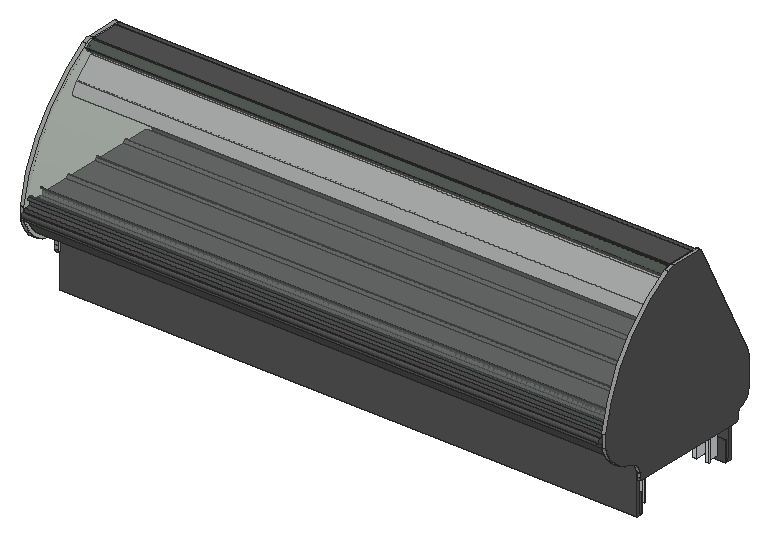
Revit family "ESGS_2014", category Specialty Equipment, Revit 2014
Parameters (values of type "12'-0" Length")
  Width = 144 1/2"
  Waste Drain = 1 1/2"  # constant formula
  URL = "www.hussmann.com"
  Type Comments = "Elite"  # constant formula
  Trim = Stainless Steel
  Total Weight = Case Weight + (2 * End Weight)  # 1400.00 lbf
  Splashguard = Textured Sheet Metal (Steel Painted) - 701 Black
  Side Panel - Right [instance] = yes
  Side Panel - Left [instance] = yes
  Shelves = Sheet Metal (Steel Painted) - 701 Black
  Revit Family Date = "05/26/2016"  # constant formula
  Refrigeration Lines Suction = 5/8"  # constant formula
  Refrigeration Lines Liquid = 3/8"  # constant formula
  Refrig. Suction = "Suction"
  Refrig. Liquid = "Liquid"
  Number of Supports = if(Width < 50", 2, if(Width < 100", 3, 4))  # 4
  Note from Manufacturer = "This model only comes 4'-0\", 6'-0\", 8'-0\", and 12'-0\" lengths."
  Model URL = "http://www.hussmann.com/en/product%20viewer/display-cases/ESGM,%20ESGS"
  Model = "ESGS"  # constant formula
  Manufacturer Disclaimer = "The information in this file is not intended to be an exact representation of the corresponding Hussmann product.  Further, we reserve the right to change or revise specifications and product design in connection with any feature of our products. Such changes do not entitle the buyer to corresponding changes, improvements, additions, or replacements for equipment previously sold or shipped."  # constant formula
  Manufacturer = "Hussmann Corporation"  # constant formula
  Location of Drain = if(Width < 144", 24 1/8", 72 1/4")  # 72 1/4"
  Light [instance] = yes
  Height = 52 1/4"  # constant formula
  Glazing = Glass
  Ends = Textured Sheet Metal (Steel Painted) - 701 Black
  End Weight = 100.00 lbf  # constant formula
  Door Frame = Plastic - 701 Black
  Description = "Curved Glass Service Case with Gravity Coil for Seafood"  # constant formula
  Depth = 45 1/4"  # constant formula
  Cutsheet URL = "http://www.hussmann.com/en/Technical%20Documents/0522404_B_ESGS.pdf"
  Case Weight = if(Width = 48 1/4", 600.00 lbf, if(Width = 72 3/8", 700.00 lbf, if(Width = 96 3/8", 1100.00 lbf, if(Width = 144 1/2", 1200.00 lbf, 0.00 lbf))))  # 1200.00 lbf
  Case Interior - Side Panel = Mirror
  Case Interior - Back Panel = Stainless Steel
  Case = Textured Sheet Metal (Steel Painted) - 701 Black
  Bumper = Extruded PVC - 701 Black
  Assembly Code = ""
  Accessories/Options = ""
  8 Case = Width = 96 3/8"  # no
  6 Case = Width = 72 3/8"  # no
  4 Case = Width = 48 1/4"  # no
  12 Case = Width = 144 1/2"  # yes
Reference planes (in)
  plane 1 "Back": y = 0
  plane 2 "Bottom": z = 0
  plane 3 "Top": z = 52.25
  plane 4 "Left": x = -77.30699
  plane 5 "Front": y = -45.25
  plane 6 "Center (Left/Right)": x = -5.05699
  plane 7: x = -78.30699
  plane 8 "Right": x = 67.19301
  plane 9: x = 68.19301
Forms (in)
  Extrusion 1, solid, material "Metal - Copper"
    sketch origin (63.0625, 1.04319, 0) x (1, 0, 0) y (0, 1, 0)
      loop
        arc (-68.11949, -26.54319) -> (-68.64982, -26.76286) -> (-68.86949, -27.29319) r 0.75
        arc (-68.86949, -27.29319) -> (-68.64982, -27.82352) -> (-68.11949, -28.04319) r 0.75
        arc (-68.11949, -28.04319) -> (-67.58916, -27.82352) -> (-67.36949, -27.29319) r 0.75
        arc (-67.36949, -27.29319) -> (-67.58916, -26.76286) -> (-68.11949, -26.54319) r 0.75
      loop
        circle (-68.11949, -27.29319) r 0.7102
    from 15.4495 to 14.2
  Extrusion 2, solid, material "Metal - Copper"
    sketch origin (57.40105, 5, -0.375) x (1, 0, 0) y (0, 1, 0)
      loop
        circle (1.22946, -34.375) r 0.28859
      loop
        circle (1.22946, -34.375) r 0.3125
    from 15.8245 to 0.375
  Extrusion 3, solid, material "Metal - Copper"
    sketch origin (59.82608, 5, -0.375) x (1, 0, 0) y (0, 1, 0)
      loop
        circle (-0.69557, -34.375) r 0.17188
      loop
        circle (-0.69557, -34.375) r 0.1875
    from 15.8245 to 0.375
  Extrusion 4, solid, material "Textured Sheet Metal (Steel Painted) - 701 Black" <- "Case"
    sketch origin (-5.05699, 0, 0) x (0, 1, 0) y (0, 0, 1)
      loop
        arc (-43.34613, 20.46649) -> (-40.36116, 16.18673) -> (-35.40912, 14.54243) r 8.279
        line (-35.40912, 14.54243) -> (-35.13012, 14.54243) -> (-35.13012, 15.12049) -> (-32.38472, 15.12049) -> (-32.38472, 13.03449) -> (-32.18041, 13.15244) -> (-31.84269, 12.56748) -> (-31.84269, 15.4495) -> (-5.46069, 15.4495) -> (-5.46069, 12.56949) -> (-2.20656, 12.56949) -> (-0.04964, 14.72641) -> (-0.05876, 19.34519) -> (0, 19.34519) -> (0, 20.00316) -> (-0.062, 20.00316) -> (-0.062, 23.22015) -> (-0.8415, 24.75) -> (-4.0439, 23.11829) -> (-5.2273, 25.44085) -> (-5.72181, 25.18889) -> (-5.51752, 24.78793) -> (-5.45069, 24.82198) -> (-5.62094, 25.15611) -> (-5.26008, 25.33998) -> (-4.01342, 22.89327) -> (-7.65194, 22.89327) -> (-7.65194, 23.03827) -> (-7.72694, 23.03827) -> (-7.72694, 22.81827) -> (-3.84453, 22.81827) -> (-4.17722, 22.64876) -> (-4.51207, 22.0258) -> (-4.51207, 21.52249) -> (-37.44744, 21.52249) -> (-37.44744, 23.4609) -> (-39.4766, 23.4609) -> (-39.4766, 24.2149) -> (-40.75586, 24.2149) -> (-40.75586, 24.26058) -> (-42.60732, 25.32952)
        arc (-42.60732, 25.32952) -> (-42.68944, 25.3331) -> (-42.73947, 25.2679) r 0.089
        line (-42.73947, 25.2679) -> (-43.05817, 23.46049) -> (-44.31609, 23.46049) -> (-44.31609, 20.46649) -> (-43.34613, 20.46649)
      loop
        line (-16.41514, 47.39822) -> (-13.21274, 49.02993) -> (-14.78962, 52.12472) -> (-15.85021, 52.12472) -> (-15.85021, 51.83972) -> (-22.93044, 51.83972) -> (-22.93044, 52.12472) -> (-23.04044, 52.12472) -> (-23.04044, 49.54858) -> (-17.51081, 49.54858) -> (-16.41514, 47.39822)
    from 72.25 to -72.25
  Extrusion 5, solid, material "Sheet Metal (Steel Painted) - 701 Black" <- "Shelves"
    sketch origin (-5.05699, 0, 0) x (0, 1, 0) y (0, 0, 1)
      loop
        line (-37.4476, 23.36548) -> (-37.4476, 23.03827) -> (-5.71614, 23.03827) -> (-6.32905, 24.55527) -> (-12.26216, 24.55527) -> (-12.84942, 25.14253)
        arc (-12.84942, 25.14253) -> (-12.89538, 25.16156) -> (-12.94134, 25.14253) r 0.065
        line (-12.94134, 25.14253) -> (-13.52859, 24.55527) -> (-21.26216, 24.55527) -> (-21.84942, 25.14253)
        arc (-21.84942, 25.14253) -> (-21.89538, 25.16156) -> (-21.94134, 25.14253) r 0.065
        line (-21.94134, 25.14253) -> (-22.52859, 24.55527) -> (-30.26216, 24.55527) -> (-30.84942, 25.14253)
        arc (-30.84942, 25.14253) -> (-30.89538, 25.16156) -> (-30.94134, 25.14253) r 0.065
        line (-30.94134, 25.14253) -> (-31.52859, 24.55527) -> (-38.8181, 24.55527) -> (-38.8181, 25.02035) -> (-38.88825, 25.02035) -> (-38.88825, 23.70998) -> (-37.57576, 23.70998)
        arc (-37.57576, 23.70998) -> (-37.40901, 23.61158) -> (-37.41453, 23.41803) r 0.1905
        line (-37.41453, 23.41803) -> (-37.4476, 23.36548)
    from 72.25 to -72.25
  Extrusion 6, solid, material "Glass" <- "Glazing"
    sketch origin (-5.05699, 0, 0) x (0, 1, 0) y (0, 0, 1)
      loop
        line (-39.4766, 23.4609) -> (-39.2266, 23.4609) -> (-39.2266, 25.8239)
        arc (-39.2266, 25.8239) -> (-39.3516, 25.9489) -> (-39.4766, 25.8239) r 0.125
        line (-39.4766, 25.8239) -> (-39.4766, 23.4609)
    from 72.25 to -72.25
  Extrusion 7, solid, material "Glass" <- "Glazing"
    sketch origin (-5.05699, 0, 0) x (0, 1, 0) y (0, 0, 1)
      loop
        line (-24.35337, 50.90746) -> (-24.47309, 51.11084)
        arc (-24.47309, 51.11084) -> (-36.70969, 39.95396) -> (-43.41659, 24.81368) r 40.236
        line (-43.41659, 24.81368) -> (-43.18577, 24.76454)
        arc (-43.18577, 24.76454) -> (-36.5182, 39.81602) -> (-24.35337, 50.90746) r 40
    from 72.25 to -72.25
  Extrusion 8, solid, material "Plastic - 701 Black" <- "Door Frame"
    sketch origin (-5.05699, 0, 0) x (0, 1, 0) y (0, 0, 1)
      loop
        arc (-23.04044, 50.09575) -> (-23.12841, 50.108) -> (-23.216, 50.12273) r 3.15396
        line (-23.216, 50.12273) -> (-23.216, 51.95558)
        arc (-23.216, 51.95558) -> (-23.22252, 51.97021) -> (-23.23775, 51.97515) r 0.01969
        arc (-23.23775, 51.97515) -> (-24.33425, 51.60184) -> (-25.16215, 50.79173) r 2.61654
        line (-25.16215, 50.79173) -> (-25.11943, 50.72218)
        arc (-25.11943, 50.72218) -> (-24.79717, 50.91803) -> (-24.47309, 51.11084) r 40.236
        line (-24.47309, 51.11084) -> (-24.35337, 50.90746)
        arc (-24.35337, 50.90746) -> (-24.69612, 50.7034) -> (-25.03682, 50.49593) r 40
        line (-25.03682, 50.49593) -> (-24.91123, 50.29086) -> (-24.73519, 50.39867) -> (-24.39613, 49.84499)
        arc (-24.39613, 49.84499) -> (-24.31211, 49.75427) -> (-24.19964, 49.70288) r 0.31496
        line (-24.19964, 49.70288) -> (-23.51563, 49.54199)
        arc (-23.51563, 49.54199) -> (-22.63508, 49.4415) -> (-21.75531, 49.54858) r 3.78388
        line (-21.75531, 49.54858) -> (-23.04044, 49.54858) -> (-23.04044, 50.09575)
      loop
        line (-42.8194, 24.81458) -> (-42.73004, 25.32137) -> (-42.90678, 25.20875) -> (-43.01054, 25.23084) -> (-42.96339, 25.45232) -> (-43.02974, 25.46644)
        arc (-43.02974, 25.46644) -> (-43.10933, 25.11584) -> (-43.18577, 24.76454) r 40
        line (-43.18577, 24.76454) -> (-43.41659, 24.81368)
        arc (-43.41659, 24.81368) -> (-43.34017, 25.16498) -> (-43.2606, 25.51559) r 40.236
        line (-43.2606, 25.51559) -> (-43.31844, 25.5279) -> (-43.48105, 24.76401) -> (-43.12601, 24.68843) -> (-43.05272, 25.03272) -> (-42.94896, 25.01063) -> (-42.8194, 24.81458)
    from 72.25 to -72.25
  Extrusion 9, solid, material "Extruded PVC - 701 Black" <- "Bumper"
    sketch origin (-5.05699, 0, 0) x (0, 1, 0) y (0, 0, 1)
      loop
        arc (-44.69659, 22.55399) -> (-45.25009, 22.00049) -> (-44.69659, 21.44699) r 0.5535
        line (-44.69659, 21.44699) -> (-44.31609, 21.44699) -> (-44.31609, 22.55399) -> (-44.69659, 22.55399)
    from 72.25 to -72.25
  Extrusion 10, solid, material "Sheet Metal (Steel Painted) - 701 Black" <- "Shelves"
    sketch origin (-5.05699, 0, 0) x (0, 1, 0) y (0, 0, 1)
      loop
        line (-22.93044, 51.83972) -> (-15.85021, 51.83972) -> (-15.85021, 52.12472) -> (-22.93044, 52.12472) -> (-22.93044, 51.83972)
    from 72.25 to -72.25
  Extrusion 11, solid, material "Textured Sheet Metal (Steel Painted) - 701 Black" <- "Splashguard"
    sketch origin (-5.05699, 0, 0) x (0, 1, 0) y (0, 0, 1)
      loop
        line (-33.24969, 0.071) -> (-33.04469, 0.071) -> (-33.04469, 0) -> (-31.84269, 0) -> (-31.84269, 5) -> (-31.91369, 5) -> (-31.91369, 0.071) -> (-32.51669, 0.071) -> (-32.51669, 0.5) -> (-32.56279, 0.5) -> (-32.56279, 0.1) -> (-32.82069, 0.1) -> (-32.82069, 14.6) -> (-32.56279, 14.6) -> (-32.56279, 14.2) -> (-32.51669, 14.2) -> (-32.51669, 14.629) -> (-33.0154, 14.629) -> (-33.0154, 15.12049) -> (-33.6714, 15.12049) -> (-33.6714, 15.04949) -> (-33.0864, 15.04949) -> (-33.0864, 14.629) -> (-33.24969, 14.629) -> (-33.24969, 0.071)
      loop
        line (-4.00019, 0.071) -> (-4.00019, 11.929) -> (-4.24596, 11.929) -> (-4.24596, 12.47249) -> (-2.37596, 12.47249) -> (-2.37596, 11.89128) -> (-2.73177, 11.89128) -> (-2.73177, 11.84428) -> (-2.23177, 11.84428) -> (-2.23177, 12.56949) -> (-4.34296, 12.56949) -> (-4.34296, 11.929) -> (-4.73319, 11.929) -> (-4.73319, 11.5) -> (-4.68708, 11.5) -> (-4.68708, 11.9) -> (-4.42919, 11.9) -> (-4.42919, 0.1) -> (-4.68708, 0.1) -> (-4.68708, 0.5) -> (-4.73319, 0.5) -> (-4.73319, 0.071) -> (-5.38969, 0.071) -> (-5.38969, 5) -> (-5.46069, 5) -> (-5.46069, 0) -> (-4.25869, 0) -> (-4.25869, 0.071) -> (-4.00019, 0.071)
    from 72.25 to -72.25
  Extrusion 12, solid, material "Stainless Steel"
    sketch origin (-5.05699, 0, 0) x (0, 1, 0) y (0, 0, 1)
      loop
        line (-21.37668, 40.98157) -> (-15.62579, 40.44983) -> (-15.61263, 40.47769) -> (-15.16052, 40.26415) -> (-14.94698, 40.71626) -> (-15.39909, 40.9298) -> (-14.86972, 42.05057) -> (-14.92216, 42.07534) -> (-15.21813, 41.44872) -> (-16.56707, 42.08586) -> (-15.37275, 42.08586) -> (-15.37275, 44.52386) -> (-15.62175, 44.52386) -> (-15.62175, 45.8411) -> (-17.51081, 49.54858) -> (-20.10086, 49.54858) -> (-21.75058, 47.89886) -> (-22.56399, 47.89886) -> (-22.56399, 48.88614) -> (-23.80443, 48.88614) -> (-28.30349, 44.83517) -> (-29.65615, 42.29118) -> (-29.62525, 42.27475) -> (-28.27548, 44.81329) -> (-28.10211, 44.96939) -> (-28.10211, 44.28536) -> (-26.65711, 44.28536) -> (-26.65711, 44.92586) -> (-25.46475, 44.92586) -> (-25.46475, 43.45478) -> (-25.61032, 43.52354) -> (-25.75599, 43.21514) -> (-25.72774, 43.20179) -> (-25.59445, 43.48398) -> (-25.0136, 43.20962) -> (-25.21064, 42.79245) -> (-21.37668, 40.98157)
    from 72.25 to -72.25
  Extrusion 13, solid, material "Textured Sheet Metal (Steel Painted) - 701 Black" <- "Ends", visible <- "Side Panel - Left"
    sketch origin (-77.30699, 0, 0) x (0, 1, 0) y (0, 0, 1)
      loop
        line (-32.92696, 8.52093) -> (-3.58393, 8.52093)
        arc (-3.58393, 8.52093) -> (-3.45276, 8.53706) -> (-3.3304, 8.587) r 0.5
        arc (-3.3304, 8.587) -> (-3.14628, 8.77013) -> (-3.07884, 9.0209) r 0.5
        line (-3.07884, 9.0209) -> (-3.07884, 9.8089)
        arc (-3.07884, 9.8089) -> (-2.87224, 10.62756) -> (-2.30189, 11.25013) r 1.72519
        arc (-2.30189, 11.25013) -> (-2.11672, 11.35616) -> (-1.91987, 11.43853) r 1.72519
        arc (-1.91987, 11.43853) -> (-1.70577, 11.52134) -> (-1.49791, 11.61879) r 3.31176
        arc (-1.49791, 11.61879) -> (-0.1815, 12.83903) -> (0.30494, 14.56683) r 3.31176
        line (0.30494, 14.56683) -> (0.30494, 22.14815)
        arc (0.30494, 22.14815) -> (0.21555, 22.93047) -> (-0.056, 23.66957) r 3.312
        line (-0.056, 23.66957) -> (-14.45521, 51.92963) -> (-14.51136, 52.04163)
        arc (-14.51136, 52.04163) -> (-14.60333, 52.14101) -> (-14.73367, 52.17775) r 0.24961
        line (-14.73367, 52.17775) -> (-22.66176, 52.17775)
        arc (-22.66176, 52.17775) -> (-23.70154, 52.03663) -> (-24.66885, 51.62996) r 3.99993
        arc (-24.66885, 51.62996) -> (-37.58819, 39.74243) -> (-44.31604, 23.52643) r 40.79994
        line (-44.31604, 23.52643) -> (-44.31604, 20.40063)
        arc (-44.31604, 20.40063) -> (-41.53441, 15.84489) -> (-36.7171, 13.54583) r 9.37498
        arc (-36.7171, 13.54583) -> (-34.5207, 12.41603) -> (-33.42696, 10.20145) r 3.944
        line (-33.42696, 10.20145) -> (-33.42696, 9.02195)
        arc (-33.42696, 9.02195) -> (-33.28087, 8.66774) -> (-32.92696, 8.52093) r 0.5
    from 0 to -1
  Extrusion 14, solid, material "Textured Sheet Metal (Steel Painted) - 701 Black" <- "Ends", visible <- "Side Panel - Right"
    sketch origin (67.19301, 0, 0) x (0, 0, 1) y (0, -1, 0)
      loop
        line (8.52093, 32.92696) -> (8.52093, 3.58393)
        arc (8.52093, 3.58393) -> (8.53706, 3.45276) -> (8.587, 3.3304) r 0.5
        arc (8.587, 3.3304) -> (8.77013, 3.14628) -> (9.0209, 3.07884) r 0.5
        line (9.0209, 3.07884) -> (9.8089, 3.07884)
        arc (9.8089, 3.07884) -> (10.62756, 2.87224) -> (11.25013, 2.30189) r 1.72519
        arc (11.25013, 2.30189) -> (11.35616, 2.11672) -> (11.43853, 1.91987) r 1.72519
        arc (11.43853, 1.91987) -> (11.52134, 1.70577) -> (11.61879, 1.49791) r 3.31176
        arc (11.61879, 1.49791) -> (12.83903, 0.1815) -> (14.56683, -0.30494) r 3.31176
        line (14.56683, -0.30494) -> (22.14815, -0.30494)
        arc (22.14815, -0.30494) -> (22.93047, -0.21555) -> (23.66957, 0.056) r 3.312
        line (23.66957, 0.056) -> (51.92963, 14.45521) -> (52.04163, 14.51136)
        arc (52.04163, 14.51136) -> (52.14101, 14.60333) -> (52.17775, 14.73367) r 0.24961
        line (52.17775, 14.73367) -> (52.17775, 22.66176)
        arc (52.17775, 22.66176) -> (52.03663, 23.70154) -> (51.62996, 24.66885) r 3.99993
        arc (51.62996, 24.66885) -> (39.74243, 37.58819) -> (23.52643, 44.31604) r 40.79994
        line (23.52643, 44.31604) -> (20.40063, 44.31604)
        arc (20.40063, 44.31604) -> (15.84489, 41.53441) -> (13.54583, 36.7171) r 9.37498
        arc (13.54583, 36.7171) -> (12.41603, 34.5207) -> (10.20145, 33.42696) r 3.944
        line (10.20145, 33.42696) -> (9.02195, 33.42696)
        arc (9.02195, 33.42696) -> (8.66774, 33.28087) -> (8.52093, 32.92696) r 0.5
    from 1 to 0
  Extrusion 15, solid, material "Stainless Steel" <- "Case Interior - Back Panel", visible <- "8 Case"
    sketch origin (-5.05699, 0, 0) x (0, 1, 0) y (0, 0, 1)
      loop
        line (-4.0439, 23.11829) -> (-0.8415, 24.75) -> (-13.21274, 49.02993) -> (-16.41514, 47.39822) -> (-4.0439, 23.11829)
    from -48.1875 to -47.59375
  Extrusion 16, solid, material "Stainless Steel" <- "Case Interior - Back Panel", visible <- "6 Case"
    sketch origin (-5.05699, 0, 0) x (0, 1, 0) y (0, 0, 1)
      loop
        line (-4.0439, 23.11829) -> (-0.8415, 24.75) -> (-13.21274, 49.02993) -> (-16.41514, 47.39822) -> (-4.0439, 23.11829)
    from -35.5 to -36.1875
  Extrusion 17, solid, material "Stainless Steel" <- "Case Interior - Back Panel", visible <- "12 Case"
    sketch origin (-5.05699, 0, 0) x (0, 1, 0) y (0, 0, 1)
      loop
        line (-4.0439, 23.11829) -> (-0.8415, 24.75) -> (-13.21274, 49.02993) -> (-16.41514, 47.39822) -> (-4.0439, 23.11829)
    from 0.625 to -0.625
  Extrusion 18, solid, material "Stainless Steel" <- "Case Interior - Back Panel", visible <- "12 Case"
    sketch origin (-5.05699, 0, 0) x (0, 1, 0) y (0, 0, 1)
      loop
        line (-4.0439, 23.11829) -> (-0.8415, 24.75) -> (-13.21274, 49.02993) -> (-16.41514, 47.39822) -> (-4.0439, 23.11829)
    from -71.625 to -72.25
  Extrusion 19, solid, material "Stainless Steel" <- "Case Interior - Back Panel", visible <- "12 Case"
    sketch origin (-5.05699, 0, 0) x (0, 1, 0) y (0, 0, 1)
      loop
        line (-4.0439, 23.11829) -> (-0.8415, 24.75) -> (-13.21274, 49.02993) -> (-16.41514, 47.39822) -> (-4.0439, 23.11829)
    from 72.25 to 71.625
  Extrusion 20, solid, material "Stainless Steel" <- "Case Interior - Back Panel", visible <- "12 Case", not visible
    sketch origin (-5.05699, -39, 0) x (0, 1, 0) y (0, 0, 1)
      loop
        line (-4.0439, 23.11829) -> (-0.8415, 24.75) -> (-13.21274, 49.02993) -> (-16.41514, 47.39822) -> (-4.0439, 23.11829)
    from 0.625 to -0.625
  Extrusion 21, solid, material "Stainless Steel" <- "Case Interior - Back Panel", visible <- "12 Case", not visible
    sketch origin (-5.05699, -39, 0) x (0, 1, 0) y (0, 0, 1)
      loop
        line (-4.0439, 23.11829) -> (-0.8415, 24.75) -> (-13.21274, 49.02993) -> (-16.41514, 47.39822) -> (-4.0439, 23.11829)
    from -71.625 to -72.25
  Extrusion 22, solid, material "Stainless Steel" <- "Case Interior - Back Panel", visible <- "12 Case", not visible
    sketch origin (-5.05699, -39, 0) x (0, 1, 0) y (0, 0, 1)
      loop
        line (-4.0439, 23.11829) -> (-0.8415, 24.75) -> (-13.21274, 49.02993) -> (-16.41514, 47.39822) -> (-4.0439, 23.11829)
    from 72.25 to 71.625
  Extrusion 23, solid, material "Stainless Steel" <- "Case Interior - Back Panel", visible <- "6 Case"
    sketch origin (-5.05699, 0, 0) x (0, 1, 0) y (0, 0, 1)
      loop
        line (-4.0439, 23.11829) -> (-0.8415, 24.75) -> (-13.21274, 49.02993) -> (-16.41514, 47.39822) -> (-4.0439, 23.11829)
    from 36.1875 to 35.5
  Extrusion 24, solid, material "Stainless Steel" <- "Case Interior - Back Panel", visible <- "6 Case", not visible
    sketch origin (-5.05699, 40.54873, 0) x (0, 1, 0) y (0, 0, 1)
      loop
        line (-4.0439, 23.11829) -> (-0.8415, 24.75) -> (-13.21274, 49.02993) -> (-16.41514, 47.39822) -> (-4.0439, 23.11829)
    from -35.5 to -36.1875
  Extrusion 25, solid, material "Stainless Steel" <- "Case Interior - Back Panel", visible <- "6 Case", not visible
    sketch origin (-5.05699, 40.54873, 0) x (0, 1, 0) y (0, 0, 1)
      loop
        line (-4.0439, 23.11829) -> (-0.8415, 24.75) -> (-13.21274, 49.02993) -> (-16.41514, 47.39822) -> (-4.0439, 23.11829)
    from 36.1875 to 35.5
  Extrusion 26, solid, material "Stainless Steel" <- "Case Interior - Back Panel", visible <- "8 Case"
    sketch origin (-5.05699, 0, 0) x (0, 1, 0) y (0, 0, 1)
      loop
        line (-4.0439, 23.11829) -> (-0.8415, 24.75) -> (-13.21274, 49.02993) -> (-16.41514, 47.39822) -> (-4.0439, 23.11829)
    from -0.59375 to 0.59375
  Extrusion 27, solid, material "Stainless Steel" <- "Case Interior - Back Panel", visible <- "8 Case"
    sketch origin (-5.05699, 0, 0) x (0, 1, 0) y (0, 0, 1)
      loop
        line (-4.0439, 23.11829) -> (-0.8415, 24.75) -> (-13.21274, 49.02993) -> (-16.41514, 47.39822) -> (-4.0439, 23.11829)
    from 47.59375 to 48.1875
  Extrusion 28, solid, material "Stainless Steel" <- "Case Interior - Back Panel", visible <- "8 Case", not visible
    sketch origin (-5.05699, -67, 0) x (0, 1, 0) y (0, 0, 1)
      loop
        line (-4.0439, 23.11829) -> (-0.8415, 24.75) -> (-13.21274, 49.02993) -> (-16.41514, 47.39822) -> (-4.0439, 23.11829)
    from -48.1875 to -47.59375
  Extrusion 29, solid, material "Stainless Steel" <- "Case Interior - Back Panel", visible <- "8 Case", not visible
    sketch origin (-5.05699, -67, 0) x (0, 1, 0) y (0, 0, 1)
      loop
        line (-4.0439, 23.11829) -> (-0.8415, 24.75) -> (-13.21274, 49.02993) -> (-16.41514, 47.39822) -> (-4.0439, 23.11829)
    from -0.59375 to 0.59375
  Extrusion 30, solid, material "Stainless Steel" <- "Case Interior - Back Panel", visible <- "8 Case", not visible
    sketch origin (-5.05699, -67, 0) x (0, 1, 0) y (0, 0, 1)
      loop
        line (-4.0439, 23.11829) -> (-0.8415, 24.75) -> (-13.21274, 49.02993) -> (-16.41514, 47.39822) -> (-4.0439, 23.11829)
    from 47.59375 to 48.1875
  Extrusion 31, solid, material "Stainless Steel" <- "Case Interior - Back Panel", visible <- "4 Case"
    sketch origin (-5.05699, 0, 0) x (0, 1, 0) y (0, 0, 1)
      loop
        line (-4.0439, 23.11829) -> (-0.8415, 24.75) -> (-13.21274, 49.02993) -> (-16.41514, 47.39822) -> (-4.0439, 23.11829)
    from -23.5 to -24.125
  Extrusion 32, solid, material "Stainless Steel" <- "Case Interior - Back Panel", visible <- "4 Case"
    sketch origin (-5.05699, 0, 0) x (0, 1, 0) y (0, 0, 1)
      loop
        line (-4.0439, 23.11829) -> (-0.8415, 24.75) -> (-13.21274, 49.02993) -> (-16.41514, 47.39822) -> (-4.0439, 23.11829)
    from 24.125 to 23.5
  Extrusion 33, solid, material "Stainless Steel" <- "Case Interior - Back Panel", visible <- "4 Case", not visible
    sketch origin (-5.05699, 24, 0) x (0, 1, 0) y (0, 0, 1)
      loop
        line (-4.0439, 23.11829) -> (-0.8415, 24.75) -> (-13.21274, 49.02993) -> (-16.41514, 47.39822) -> (-4.0439, 23.11829)
    from -23.5 to -24.125
  Extrusion 34, solid, material "Stainless Steel" <- "Case Interior - Back Panel", visible <- "4 Case", not visible
    sketch origin (-5.05699, 24, 0) x (0, 1, 0) y (0, 0, 1)
      loop
        line (-4.0439, 23.11829) -> (-0.8415, 24.75) -> (-13.21274, 49.02993) -> (-16.41514, 47.39822) -> (-4.0439, 23.11829)
    from 24.125 to 23.5
Lines and regions (in)
  reference lines
    curve 1: line (-73.68199, -45.25, 0) -> (-73.68199, 0, 0)
    curve 2: line (-5.05699, -45.25, 0) -> (-5.05699, 0, 0)
    curve 3: line (63.56801, -45.25, 0) -> (63.56801, 0, 0)
    curve 4: line (58.94301, -45.25, 0) -> (58.94301, 0, 0)
    curve 5: line (-77.30699, -26.25, 0) -> (67.19301, -26.25, 0)
    curve 6: line (67.19301, -29.375, 0) -> (-77.30699, -29.375, 0)
Dimensions and locks (in)
  equal spacing: plane 4 "Left", plane 6 "Center (Left/Right)", plane 8 "Right"
  locked: plane 7 to plane 4 "Left" at 1
  "Width": plane 4 "Left" to plane 8 "Right"
  locked: plane 4 "Left" to curve 1 at 3.625
  locked: curve 3 to plane 8 "Right" at 3.625
  "Location of Drain": curve 2 to plane 8 "Right"
  "Depth": plane 5 "Front" to plane 1 "Back"
  locked: curve 4 to plane 8 "Right" at 8.25
  "Height": plane 3 "Top" to level
  locked: plane 1 "Back" to curve 5 at 26.25
  locked: plane 1 "Back" to curve 6 at 29.375
  locked: plane 8 "Right" to plane 9 at 1
  locked: Extrusion 1 sketch curve to Extrusion 1 sketch curve at 0.0398
  locked: Extrusion 3 sketch curve to Extrusion 3 sketch curve at 0.01562
  locked: Extrusion 2 sketch curve to Extrusion 2 sketch curve at 0.02391
  locked: nested 1 to plane 1 "Back" at 5.46069
  equal spacing: group 1, group 11, group 12, group 2  (x3)
  Extrusion 4 to Extrusion 4 = 27 1/4"
  "Waste Drain": diameter of Extrusion 1 sketch curve
  "Refrigeration Lines Liquid": diameter of Extrusion 3 sketch curve
  "Refrigeration Lines Suction": diameter of Extrusion 2 sketch curve
  aligned and locked: plane 5 "Front" to curve 2
  aligned and locked: plane 5 "Front" to curve 3
  aligned and locked: plane 5 "Front" to curve 1
  aligned and locked: plane 4 "Left" to curve 5
  aligned and locked: plane 4 "Left" to curve 6
  aligned and locked: plane 8 "Right" to curve 6
  aligned and locked: plane 8 "Right" to curve 5
  aligned and locked: Extrusion 2 to level
  aligned and locked: Extrusion 3 to level
  aligned and locked: curve 6 to Extrusion 3 sketch curve  (x4)
  aligned and locked: curve 6 to Extrusion 2 sketch curve  (x4)
  aligned and locked: curve 5 to Extrusion 1 sketch curve  (x3)
  aligned and locked: curve 2 to Extrusion 1 sketch curve
  aligned and locked: curve 4 to Extrusion 3 sketch curve
  aligned and locked: curve 4 to Extrusion 2 sketch curve
  aligned and locked: curve 1 to nested 1
  aligned and locked: curve 3 to nested 2
  aligned and locked: nested 1 to nested 2
  aligned and locked: Extrusion 4 to plane 4 "Left"
  aligned and locked: plane 8 "Right" to Extrusion 4
  aligned and locked: Extrusion 5 to plane 4 "Left"
  aligned and locked: plane 8 "Right" to Extrusion 5
  aligned and locked: Extrusion 6 to plane 4 "Left"
  aligned and locked: plane 8 "Right" to Extrusion 6
  aligned and locked: Extrusion 7 to plane 4 "Left"
  aligned and locked: plane 8 "Right" to Extrusion 7
  aligned and locked: Extrusion 8 to plane 4 "Left"
  aligned and locked: plane 8 "Right" to Extrusion 8
  aligned and locked: Extrusion 9 to plane 4 "Left"
  aligned and locked: plane 8 "Right" to Extrusion 9
  aligned and locked: Extrusion 10 to plane 4 "Left"
  aligned and locked: plane 8 "Right" to Extrusion 10
  aligned and locked: Extrusion 11 to plane 4 "Left"
  aligned and locked: plane 8 "Right" to Extrusion 11
  aligned and locked: Extrusion 12 to plane 4 "Left"
  aligned and locked: plane 8 "Right" to Extrusion 12
  aligned and locked: plane 4 "Left" to nested 3
  aligned and locked: plane 7 to Extrusion 13
  aligned and locked: plane 4 "Left" to Extrusion 13
  aligned and locked: plane 9 to Extrusion 14
  aligned and locked: Extrusion 14 to plane 8 "Right"
Automatic sketch dimensions
  Extrusion 15 sketch curve to Extrusion 15 sketch curve = 3.2024"
  Extrusion 15 sketch curve to Extrusion 15 sketch curve = 1.63171"
  Extrusion 16 sketch curve to Extrusion 16 sketch curve = 3.2024"
  Extrusion 17 sketch curve to Extrusion 17 sketch curve = 3.2024"
  Extrusion 18 sketch curve to Extrusion 18 sketch curve = 3.2024"
  Extrusion 19 sketch curve to Extrusion 19 sketch curve = 3.2024"
  Extrusion 17 sketch curve to Extrusion 17 sketch curve = 12.37124"
  Extrusion 17 sketch curve to Extrusion 17 sketch curve = 1.63171"
  Extrusion 18 sketch curve to Extrusion 18 sketch curve = 12.37124"
  Extrusion 18 sketch curve to Extrusion 18 sketch curve = 1.63171"
  Extrusion 19 sketch curve to Extrusion 19 sketch curve = 12.37124"
  Extrusion 19 sketch curve to Extrusion 19 sketch curve = 1.63171"
  Extrusion 20 sketch curve to Extrusion 20 sketch curve = 3.2024"
  Extrusion 21 sketch curve to Extrusion 21 sketch curve = 3.2024"
  Extrusion 22 sketch curve to Extrusion 22 sketch curve = 3.2024"
  Extrusion 20 sketch curve to Extrusion 20 sketch curve = 12.37124"
  Extrusion 20 sketch curve to Extrusion 20 sketch curve = 1.63171"
  Extrusion 21 sketch curve to Extrusion 21 sketch curve = 12.37124"
  Extrusion 21 sketch curve to Extrusion 21 sketch curve = 1.63171"
  Extrusion 22 sketch curve to Extrusion 22 sketch curve = 12.37124"
  Extrusion 22 sketch curve to Extrusion 22 sketch curve = 1.63171"
  Extrusion 23 sketch curve to Extrusion 23 sketch curve = 3.2024"
  Extrusion 16 sketch curve to Extrusion 16 sketch curve = 12.37124"
  Extrusion 16 sketch curve to Extrusion 16 sketch curve = 1.63171"
  Extrusion 23 sketch curve to Extrusion 23 sketch curve = 12.37124"
  Extrusion 23 sketch curve to Extrusion 23 sketch curve = 1.63171"
  Extrusion 24 sketch curve to Extrusion 24 sketch curve = 3.2024"
  Extrusion 25 sketch curve to Extrusion 25 sketch curve = 3.2024"
  Extrusion 24 sketch curve to Extrusion 24 sketch curve = 12.37124"
  Extrusion 24 sketch curve to Extrusion 24 sketch curve = 1.63171"
  Extrusion 25 sketch curve to Extrusion 25 sketch curve = 12.37124"
  Extrusion 25 sketch curve to Extrusion 25 sketch curve = 1.63171"
  Extrusion 26 sketch curve to Extrusion 26 sketch curve = 3.2024"
  Extrusion 26 sketch curve to Extrusion 26 sketch curve = 1.63171"
  Extrusion 27 sketch curve to Extrusion 27 sketch curve = 3.2024"
  Extrusion 27 sketch curve to Extrusion 27 sketch curve = 1.63171"
  Extrusion 15 sketch curve to Extrusion 15 sketch curve = 12.37124"
  Extrusion 26 sketch curve to Extrusion 26 sketch curve = 12.37124"
  Extrusion 27 sketch curve to Extrusion 27 sketch curve = 12.37124"
  Extrusion 28 sketch curve to Extrusion 28 sketch curve = 3.2024"
  Extrusion 28 sketch curve to Extrusion 28 sketch curve = 1.63171"
  Extrusion 29 sketch curve to Extrusion 29 sketch curve = 3.2024"
  Extrusion 29 sketch curve to Extrusion 29 sketch curve = 1.63171"
  Extrusion 30 sketch curve to Extrusion 30 sketch curve = 3.2024"
  Extrusion 30 sketch curve to Extrusion 30 sketch curve = 1.63171"
  Extrusion 28 sketch curve to Extrusion 28 sketch curve = 12.37124"
  Extrusion 29 sketch curve to Extrusion 29 sketch curve = 12.37124"
  Extrusion 30 sketch curve to Extrusion 30 sketch curve = 12.37124"
  Extrusion 4 sketch curve to plane 1 "Back" = 0"
  plane 1 "Back" to Extrusion 4 sketch curve = 0.04964"
  Extrusion 4 sketch curve to Extrusion 4 sketch curve = 0.05876"
  Extrusion 4 sketch curve to Extrusion 4 sketch curve = 0.062"
  plane 1 "Back" to Extrusion 4 sketch curve = 0.8415"
  plane 1 "Back" to Extrusion 4 sketch curve = 2.20656"
  Extrusion 4 sketch curve to Extrusion 4 sketch curve = 3.00303"
  Extrusion 4 sketch curve to Extrusion 4 sketch curve = 0.16889"
  Extrusion 4 sketch curve to Extrusion 4 sketch curve = 0.03048"
  Extrusion 4 sketch curve to Extrusion 4 sketch curve = 0.1638"
  Extrusion 4 sketch curve to Extrusion 4 sketch curve = 0.33486"
  Extrusion 4 sketch curve to Extrusion 4 sketch curve = 1.1834"
  Extrusion 4 sketch curve to Extrusion 4 sketch curve = 0.03278"
  Extrusion 4 sketch curve to Extrusion 4 sketch curve = 0.19061"
  Extrusion 4 sketch curve to Extrusion 4 sketch curve = 3.25412"
  Extrusion 4 sketch curve to Extrusion 4 sketch curve = 0.06683"
  Extrusion 4 sketch curve to Extrusion 4 sketch curve = 0.17025"
  Extrusion 4 sketch curve to Extrusion 4 sketch curve = 0.10087"  (x2)
  Extrusion 4 sketch curve to Extrusion 4 sketch curve = 2.13442"
  Extrusion 4 sketch curve to Extrusion 4 sketch curve = 0.075"  (x2)
  plane 3 "Top" to Extrusion 4 sketch curve = 3.22007"
  plane 1 "Back" to Extrusion 4 sketch curve = 13.21274"
  plane 3 "Top" to Extrusion 4 sketch curve = 0.12528"  (x2)
  Extrusion 4 sketch curve to Extrusion 4 sketch curve = 1.57688"
  plane 3 "Top" to Extrusion 4 sketch curve = 0.41028"
  Extrusion 4 sketch curve to Extrusion 4 sketch curve = 1.0606"
  plane 3 "Top" to Extrusion 4 sketch curve = 4.85178"
  Extrusion 4 sketch curve to Extrusion 4 sketch curve = 1.09566"
  Extrusion 4 sketch curve to Extrusion 4 sketch curve = 5.41964"
  Extrusion 4 sketch curve to Extrusion 4 sketch curve = 0.11"
  plane 5 "Front" to Extrusion 4 sketch curve = 13.40731"
  Extrusion 4 sketch curve to Extrusion 4 sketch curve = 0.33773"
  Extrusion 4 sketch curve to Extrusion 4 sketch curve = 0.20431"
  Extrusion 4 sketch curve to Extrusion 4 sketch curve = 2.7454"
  Extrusion 4 sketch curve to Extrusion 4 sketch curve = 0.279"
  Extrusion 4 sketch curve to Extrusion 4 sketch curve = 2.03832"
  Extrusion 4 sketch curve to Extrusion 4 sketch curve = 2.02916"
  Extrusion 4 sketch curve to Extrusion 4 sketch curve = 1.27926"
  Extrusion 4 sketch curve to Extrusion 4 sketch curve = 1.85146"
  Extrusion 4 sketch curve to Extrusion 4 sketch curve = 0.0445"
  Extrusion 4 sketch curve to Extrusion 4 sketch curve = 0.08765"
  Extrusion 4 sketch curve to Extrusion 4 sketch curve = 0.31869"
  plane 5 "Front" to Extrusion 4 sketch curve = 1.90387"
  plane 5 "Front" to Extrusion 4 sketch curve = 0.93391"
  Extrusion 4 sketch curve to Extrusion 4 sketch curve = 21.95737"
  level to Extrusion 4 sketch curve = 25.32952"
  Extrusion 4 sketch curve to Extrusion 4 sketch curve = 0.06162"
  Extrusion 4 sketch curve to Extrusion 4 sketch curve = 1.06894"
  Extrusion 4 sketch curve to Extrusion 4 sketch curve = 0.04568"
  Extrusion 4 sketch curve to Extrusion 4 sketch curve = 0.754"
  Extrusion 4 sketch curve to Extrusion 4 sketch curve = 1.80741"
  Extrusion 4 sketch curve to Extrusion 4 sketch curve = 0.145"
  Extrusion 4 sketch curve to Extrusion 4 sketch curve = 0.63947"
  Extrusion 4 sketch curve to Extrusion 4 sketch curve = 0.24451"
  Extrusion 4 sketch curve to Extrusion 4 sketch curve = 0.62296"
  Extrusion 4 sketch curve to Extrusion 4 sketch curve = 0.50331"
  Extrusion 4 sketch curve to Extrusion 4 sketch curve = 2.994"
  Extrusion 4 sketch curve to Extrusion 4 sketch curve = 3.21699"
  Extrusion 4 sketch curve to Extrusion 4 sketch curve = 0.65798"
  Extrusion 4 sketch curve to Extrusion 4 sketch curve = 0.90707"
  Extrusion 4 sketch curve to Extrusion 4 sketch curve = 0.32901"
  Extrusion 4 sketch curve to Extrusion 4 sketch curve = 4.61877"
  Extrusion 4 sketch curve to Extrusion 4 sketch curve = 1.96804"
  Extrusion 4 sketch curve to Extrusion 4 sketch curve = 0.11796"
  Extrusion 4 sketch curve to Extrusion 4 sketch curve = 2.15693"
  plane 5 "Front" to Extrusion 5 sketch curve = 6.36175"
  Extrusion 5 sketch curve to Extrusion 5 sketch curve = 0.07016"
  Extrusion 5 sketch curve to Extrusion 5 sketch curve = 1 5/16"
  Extrusion 5 sketch curve to Extrusion 5 sketch curve = 0.12816"
  Extrusion 5 sketch curve to Extrusion 5 sketch curve = 0.03307"
  Extrusion 5 sketch curve to Extrusion 5 sketch curve = 5.88594"
  Extrusion 5 sketch curve to Extrusion 5 sketch curve = 0.58725"  (x6)
  Extrusion 5 sketch curve to Extrusion 5 sketch curve = 0.04596"  (x9)
  Extrusion 5 sketch curve to Extrusion 5 sketch curve = 7.73357"  (x2)
  Extrusion 5 sketch curve to Extrusion 5 sketch curve = 5.93311"
  Extrusion 5 sketch curve to Extrusion 5 sketch curve = 0.61291"
  level to Extrusion 5 sketch curve = 23.03827"
  Extrusion 5 sketch curve to Extrusion 5 sketch curve = 0.32721"
  Extrusion 5 sketch curve to Extrusion 5 sketch curve = 0.05255"
  Extrusion 5 sketch curve to Extrusion 5 sketch curve = 0.10146"
  Extrusion 5 sketch curve to Extrusion 5 sketch curve = 0.84529"
  Extrusion 5 sketch curve to Extrusion 5 sketch curve = 1.517"
  Extrusion 5 sketch curve to Extrusion 5 sketch curve = 0"  (x2)
  Extrusion 5 sketch curve to Extrusion 5 sketch curve = 0.46508"
  Extrusion 5 sketch curve to Extrusion 5 sketch curve = 0.54129"  (x3)
  plane 5 "Front" to Extrusion 6 sketch curve = 5.7734"
  Extrusion 6 sketch curve to Extrusion 6 sketch curve = 1/8"
  level to Extrusion 6 sketch curve = 23.4609"
  Extrusion 6 sketch curve to Extrusion 6 sketch curve = 2.363"
  Extrusion 7 sketch curve to Extrusion 7 sketch curve = 0"  (x2)
  plane 5 "Front" to Extrusion 7 sketch curve = 1.83341"
  Extrusion 7 sketch curve to Extrusion 7 sketch curve = 0.23083"
  plane 3 "Top" to Extrusion 7 sketch curve = 1.13916"
  plane 5 "Front" to Extrusion 7 sketch curve = 20.77691"
  plane 3 "Top" to Extrusion 7 sketch curve = 1.34254"
  Extrusion 7 sketch curve to Extrusion 7 sketch curve = 0.11972"
  plane 1 "Back" to Extrusion 7 sketch curve = 4.06242"
  level to Extrusion 7 sketch curve = 24.81368"
  Extrusion 8 sketch curve to Extrusion 8 sketch curve = 0"  (x14)
  plane 5 "Front" to Extrusion 8 sketch curve = 1.76895"
  Extrusion 8 sketch curve to Extrusion 8 sketch curve = 0.06446"
  Extrusion 8 sketch curve to Extrusion 8 sketch curve = 0.09815"
  Extrusion 8 sketch curve to Extrusion 8 sketch curve = 0.05783"
  Extrusion 8 sketch curve to Extrusion 8 sketch curve = 0.23083"
  Extrusion 8 sketch curve to Extrusion 8 sketch curve = 0.05976"
  Extrusion 8 sketch curve to Extrusion 8 sketch curve = 0.13305"
  Extrusion 8 sketch curve to Extrusion 8 sketch curve = 0.23086"
  Extrusion 8 sketch curve to Extrusion 8 sketch curve = 0.04217"
  Extrusion 8 sketch curve to Extrusion 8 sketch curve = 0.06635"
  Extrusion 8 sketch curve to Extrusion 8 sketch curve = 0.10376"  (x2)
  Extrusion 8 sketch curve to Extrusion 8 sketch curve = 0.12955"
  Extrusion 8 sketch curve to Extrusion 8 sketch curve = 0.17674"
  plane 3 "Top" to Extrusion 8 sketch curve = 1.45827"
  plane 5 "Front" to Extrusion 8 sketch curve = 20.08785"
  plane 3 "Top" to Extrusion 8 sketch curve = 1.52782"
  Extrusion 8 sketch curve to Extrusion 8 sketch curve = 0.04272"
  plane 3 "Top" to Extrusion 8 sketch curve = 1.75407"
  Extrusion 8 sketch curve to Extrusion 8 sketch curve = 0.08261"
  plane 3 "Top" to Extrusion 8 sketch curve = 1.95914"
  Extrusion 8 sketch curve to Extrusion 8 sketch curve = 0.12558"
  plane 3 "Top" to Extrusion 8 sketch curve = 1.85133"
  plane 3 "Top" to Extrusion 8 sketch curve = 1.13916"
  Extrusion 8 sketch curve to Extrusion 8 sketch curve = 0.64635"
  plane 3 "Top" to Extrusion 8 sketch curve = 2.40501"
  plane 3 "Top" to Extrusion 8 sketch curve = 1.34254"
  plane 3 "Top" to Extrusion 8 sketch curve = 2.54712"
  Extrusion 8 sketch curve to Extrusion 8 sketch curve = 0.19648"
  Extrusion 8 sketch curve to Extrusion 8 sketch curve = 0.07212"
  plane 3 "Top" to Extrusion 8 sketch curve = 2.70801"
  Extrusion 8 sketch curve to Extrusion 8 sketch curve = 0.68401"
  plane 3 "Top" to Extrusion 8 sketch curve = 0.29442"
  Extrusion 8 sketch curve to Extrusion 8 sketch curve = 1.2374"
  Extrusion 8 sketch curve to Extrusion 8 sketch curve = 0.01969"
  Extrusion 8 sketch curve to Extrusion 8 sketch curve = 0.47518"
  Extrusion 8 sketch curve to Extrusion 8 sketch curve = 0.07682"
  Extrusion 8 sketch curve to Extrusion 8 sketch curve = 0.56676"
  Extrusion 8 sketch curve to Extrusion 8 sketch curve = 1.20831"
  plane 1 "Back" to Extrusion 8 sketch curve = 4.06242"
  level to Extrusion 8 sketch curve = 24.68843"
  Extrusion 8 sketch curve to Extrusion 8 sketch curve = 0.07558"
  Extrusion 8 sketch curve to Extrusion 8 sketch curve = 0.07611"
  Extrusion 8 sketch curve to Extrusion 8 sketch curve = 0.19605"
  Extrusion 8 sketch curve to Extrusion 8 sketch curve = 0.19812"
  Extrusion 8 sketch curve to Extrusion 8 sketch curve = 0.11263"
  Extrusion 8 sketch curve to Extrusion 8 sketch curve = 0.16897"
  Extrusion 8 sketch curve to Extrusion 8 sketch curve = 0.17556"
  Extrusion 8 sketch curve to Extrusion 8 sketch curve = 0.54716"
  plane 5 "Front" to Extrusion 9 sketch curve = 0.55341"
  Extrusion 9 sketch curve to Extrusion 9 sketch curve = 0.3805"
  level to Extrusion 9 sketch curve = 21.44699"
  Extrusion 9 sketch curve to Extrusion 9 sketch curve = 0.5535"
  plane 3 "Top" to Extrusion 10 sketch curve = 0.12528"
  plane 5 "Front" to Extrusion 10 sketch curve = 22.31956"
  Extrusion 10 sketch curve to Extrusion 10 sketch curve = 7.08023"
  Extrusion 10 sketch curve to Extrusion 10 sketch curve = 0.285"
  Extrusion 11 sketch curve to level = 0"  (x2)
  plane 5 "Front" to Extrusion 11 sketch curve = 11.5786"
  level to Extrusion 11 sketch curve = 0.071"  (x4)
  plane 5 "Front" to Extrusion 11 sketch curve = 12.00031"
  Extrusion 11 sketch curve to Extrusion 11 sketch curve = 0.16328"
  Extrusion 11 sketch curve to Extrusion 11 sketch curve = 0.205"
  Extrusion 11 sketch curve to Extrusion 11 sketch curve = 0.071"  (x4)
  Extrusion 11 sketch curve to Extrusion 11 sketch curve = 0.19472"
  Extrusion 11 sketch curve to Extrusion 11 sketch curve = 0.2579"  (x3)
  Extrusion 11 sketch curve to Extrusion 11 sketch curve = 0.0461"  (x4)
  Extrusion 11 sketch curve to Extrusion 11 sketch curve = 0.603"
  plane 1 "Back" to Extrusion 11 sketch curve = 5.46069"
  Extrusion 11 sketch curve to Extrusion 11 sketch curve = 0.6565"
  plane 1 "Back" to Extrusion 11 sketch curve = 4.73319"
  Extrusion 11 sketch curve to Extrusion 11 sketch curve = 0.08622"
  Extrusion 11 sketch curve to Extrusion 11 sketch curve = 0.1705"
  Extrusion 11 sketch curve to Extrusion 11 sketch curve = 0.097"  (x2)
  Extrusion 11 sketch curve to Extrusion 11 sketch curve = 0.24578"
  Extrusion 11 sketch curve to Extrusion 11 sketch curve = 1.26842"
  Extrusion 11 sketch curve to Extrusion 11 sketch curve = 0.35581"
  Extrusion 11 sketch curve to Extrusion 11 sketch curve = 0.14419"
  Extrusion 11 sketch curve to Extrusion 11 sketch curve = 0.029"  (x3)
  level to Extrusion 11 sketch curve = 0.1"
  Extrusion 11 sketch curve to Extrusion 11 sketch curve = 0.4"  (x4)
  Extrusion 11 sketch curve to Extrusion 11 sketch curve = 4 1/2"  (x2)
  Extrusion 11 sketch curve to Extrusion 11 sketch curve = 6 1/2"
  Extrusion 11 sketch curve to Extrusion 11 sketch curve = 0.34428"
  Extrusion 11 sketch curve to Extrusion 11 sketch curve = 0.047"
  Extrusion 11 sketch curve to Extrusion 11 sketch curve = 0"  (x2)
  Extrusion 11 sketch curve to Extrusion 11 sketch curve = 0.54349"
  Extrusion 11 sketch curve to Extrusion 11 sketch curve = 9.2"
  Extrusion 11 sketch curve to Extrusion 11 sketch curve = 0.42049"
  plane 5 "Front" to Extrusion 12 sketch curve = 15.59385"
  Extrusion 12 sketch curve to Extrusion 12 sketch curve = 0.0309"
  plane 3 "Top" to Extrusion 12 sketch curve = 7.41483"
  Extrusion 12 sketch curve to Extrusion 12 sketch curve = 1.35267"
  plane 3 "Top" to Extrusion 12 sketch curve = 7.43671"
  Extrusion 12 sketch curve to Extrusion 12 sketch curve = 0.02801"
  Extrusion 12 sketch curve to Extrusion 12 sketch curve = 0.17337"
  Extrusion 12 sketch curve to Extrusion 12 sketch curve = 1.445"
  plane 3 "Top" to Extrusion 12 sketch curve = 9.03486"
  Extrusion 12 sketch curve to Extrusion 12 sketch curve = 0.90112"
  plane 3 "Top" to Extrusion 12 sketch curve = 9.04821"
  Extrusion 12 sketch curve to Extrusion 12 sketch curve = 0.02826"
  plane 3 "Top" to Extrusion 12 sketch curve = 8.72646"
  plane 3 "Top" to Extrusion 12 sketch curve = 8.76602"
  Extrusion 12 sketch curve to Extrusion 12 sketch curve = 0.1297"
  plane 3 "Top" to Extrusion 12 sketch curve = 9.45755"
  Extrusion 12 sketch curve to Extrusion 12 sketch curve = 0.5171"
  Extrusion 12 sketch curve to Extrusion 12 sketch curve = 1.66032"
  Extrusion 12 sketch curve to Extrusion 12 sketch curve = 1.24044"
  Extrusion 12 sketch curve to Extrusion 12 sketch curve = 0.81341"
  plane 3 "Top" to Extrusion 12 sketch curve = 11.26843"
  Extrusion 12 sketch curve to Extrusion 12 sketch curve = 1.64972"
  Extrusion 12 sketch curve to Extrusion 12 sketch curve = 2.59005"
  Extrusion 12 sketch curve to Extrusion 12 sketch curve = 4.8096"
  Extrusion 12 sketch curve to Extrusion 12 sketch curve = 0.94129"
  Extrusion 12 sketch curve to Extrusion 12 sketch curve = 121/128"
  plane 3 "Top" to Extrusion 12 sketch curve = 11.77231"
  Extrusion 12 sketch curve to Extrusion 12 sketch curve = 0.01316"
  Extrusion 12 sketch curve to Extrusion 12 sketch curve = 0.21354"
  Extrusion 12 sketch curve to Extrusion 12 sketch curve = 0.249"
  Extrusion 12 sketch curve to Extrusion 12 sketch curve = 0.18096"
  Extrusion 12 sketch curve to Extrusion 12 sketch curve = 0.45211"  (x2)
  plane 3 "Top" to Extrusion 12 sketch curve = 11.53374"
  plane 3 "Top" to Extrusion 12 sketch curve = 10.17466"
  Extrusion 12 sketch curve to Extrusion 12 sketch curve = 0.45059"
  Extrusion 12 sketch curve to Extrusion 12 sketch curve = 0.52793"
  Extrusion 12 sketch curve to Extrusion 12 sketch curve = 2.438"
  Extrusion 12 sketch curve to Extrusion 12 sketch curve = 0.6405"
  Extrusion 12 sketch curve to Extrusion 12 sketch curve = 0.1561"
  Extrusion 12 sketch curve to Extrusion 12 sketch curve = 1.31724"
  plane 3 "Top" to Extrusion 12 sketch curve = 4.35114"
  Extrusion 12 sketch curve to Extrusion 12 sketch curve = 0.98728"
  plane 3 "Top" to Extrusion 12 sketch curve = 2.70142"
  plane 5 "Front" to Extrusion 13 sketch curve = 0.93396"
  plane 5 "Front" to Extrusion 13 sketch curve = 7.91777"
  Extrusion 13 sketch curve to Extrusion 13 sketch curve = 9.06113"
  Extrusion 13 sketch curve to Extrusion 13 sketch curve = 3.90527"
  Extrusion 13 sketch curve to Extrusion 13 sketch curve = 1/2"  (x2)
  plane 3 "Top" to Extrusion 13 sketch curve = 0.07225"
  plane 5 "Front" to Extrusion 13 sketch curve = 22.58824"
  Extrusion 13 sketch curve to Extrusion 13 sketch curve = 0.01338"
  plane 3 "Top" to Extrusion 13 sketch curve = 0.32186"
  Extrusion 13 sketch curve to Extrusion 13 sketch curve = 7.92809"
  plane 3 "Top" to Extrusion 13 sketch curve = 0.20837"
  plane 3 "Top" to Extrusion 13 sketch curve = 0.32037"
  Extrusion 13 sketch curve to Extrusion 13 sketch curve = 0.05614"
  plane 1 "Back" to Extrusion 13 sketch curve = 4.14946"
  plane 1 "Back" to Extrusion 13 sketch curve = 3.58393"
  Extrusion 13 sketch curve to Extrusion 13 sketch curve = 0.00509"
  Extrusion 13 sketch curve to Extrusion 13 sketch curve = 0"  (x5)
  plane 1 "Back" to Extrusion 13 sketch curve = 3.00701"
  Extrusion 13 sketch curve to Extrusion 13 sketch curve = 1.14265"
  plane 1 "Back" to Extrusion 13 sketch curve = 1.35365"
  plane 1 "Back" to Extrusion 13 sketch curve = 0.056"
  Extrusion 13 sketch curve to plane 1 "Back" = 0.30494"
  Extrusion 13 sketch curve to Extrusion 13 sketch curve = 3.9999"
  level to Extrusion 13 sketch curve = 23.66957"
  level to Extrusion 13 sketch curve = 23.52643"
  Extrusion 13 sketch curve to Extrusion 13 sketch curve = 0.72036"
  Extrusion 13 sketch curve to Extrusion 13 sketch curve = 1.50362"
  Extrusion 13 sketch curve to Extrusion 13 sketch curve = 3.1258"
  Extrusion 13 sketch curve to Extrusion 13 sketch curve = 5.80056"
  Extrusion 13 sketch curve to Extrusion 13 sketch curve = 1.79856"
  level to Extrusion 13 sketch curve = 10.20145"
  Extrusion 13 sketch curve to Extrusion 13 sketch curve = 4.75793"
  Extrusion 13 sketch curve to Extrusion 13 sketch curve = 0.55137"
  Extrusion 13 sketch curve to Extrusion 13 sketch curve = 1.17951"
  Extrusion 13 sketch curve to Extrusion 13 sketch curve = 0.00102"
  Extrusion 13 sketch curve to Extrusion 13 sketch curve = 0.49997"
  Extrusion 13 sketch curve to Extrusion 13 sketch curve = 0.25353"
  Extrusion 13 sketch curve to Extrusion 13 sketch curve = 0.38202"
  Extrusion 13 sketch curve to Extrusion 13 sketch curve = 0.42196"
  level to Extrusion 14 sketch curve = 8.52093"
  Extrusion 14 sketch curve to Extrusion 14 sketch curve = 0.49997"
  Extrusion 14 sketch curve to Extrusion 14 sketch curve = 0"  (x6)
  Extrusion 14 sketch curve to Extrusion 14 sketch curve = 1/2"  (x2)
  Extrusion 14 sketch curve to Extrusion 14 sketch curve = 0.00102"
  Extrusion 14 sketch curve to Extrusion 14 sketch curve = 0.62814"
  Extrusion 14 sketch curve to Extrusion 14 sketch curve = 0.788"
  Extrusion 14 sketch curve to Extrusion 14 sketch curve = 1.17951"
  Extrusion 14 sketch curve to Extrusion 14 sketch curve = 4.75793"
  Extrusion 14 sketch curve to Extrusion 14 sketch curve = 1.79856"
  plane 5 "Front" to Extrusion 14 sketch curve = 0.93396"
  Extrusion 14 sketch curve to Extrusion 14 sketch curve = 10.75054"
  Extrusion 14 sketch curve to plane 1 "Back" = 0.30494"
  Extrusion 14 sketch curve to Extrusion 14 sketch curve = 5.78276"
  Extrusion 14 sketch curve to Extrusion 14 sketch curve = 0.01781"
  Extrusion 14 sketch curve to Extrusion 14 sketch curve = 2.40545"
  Extrusion 14 sketch curve to Extrusion 14 sketch curve = 3.1258"
  plane 1 "Back" to Extrusion 14 sketch curve = 0.056"
  Extrusion 14 sketch curve to Extrusion 14 sketch curve = 1.52142"
  plane 3 "Top" to Extrusion 14 sketch curve = 4.07216"
  plane 3 "Top" to Extrusion 14 sketch curve = 0.32186"
  Extrusion 14 sketch curve to Extrusion 14 sketch curve = 0.00149"
  Extrusion 14 sketch curve to Extrusion 14 sketch curve = 0.11201"
  plane 3 "Top" to Extrusion 14 sketch curve = 0.07225"
  plane 1 "Back" to Extrusion 14 sketch curve = 1.35365"
  plane 1 "Back" to Extrusion 14 sketch curve = 3.00681"
  Extrusion 14 sketch curve to Extrusion 14 sketch curve = 1.72519"
  Extrusion 14 sketch curve to Extrusion 14 sketch curve = 1.14265"
  plane 1 "Back" to Extrusion 14 sketch curve = 14.45521"
  Extrusion 14 sketch curve to Extrusion 14 sketch curve = 0.05614"
  Extrusion 14 sketch curve to Extrusion 14 sketch curve = 7.91471"
  Extrusion 14 sketch curve to Extrusion 14 sketch curve = 0.01338"
  plane 5 "Front" to Extrusion 14 sketch curve = 12.32304"
  Extrusion 14 sketch curve to Extrusion 14 sketch curve = 9.06113"
  Extrusion 14 sketch curve to Extrusion 14 sketch curve = 3.90527"
  Extrusion 14 sketch curve to Extrusion 14 sketch curve = 0.06607"
  Extrusion 14 sketch curve to Extrusion 14 sketch curve = 0.1884"
  Extrusion 14 sketch curve to Extrusion 14 sketch curve = 0.18026"
  Extrusion 31 sketch curve to Extrusion 31 sketch curve = 3.2024"
  Extrusion 31 sketch curve to Extrusion 31 sketch curve = 1.63171"
  Extrusion 32 sketch curve to Extrusion 32 sketch curve = 3.2024"
  Extrusion 32 sketch curve to Extrusion 32 sketch curve = 1.63171"
  Extrusion 31 sketch curve to Extrusion 31 sketch curve = 12.37124"
  Extrusion 32 sketch curve to Extrusion 32 sketch curve = 12.37124"
  Extrusion 33 sketch curve to Extrusion 33 sketch curve = 3.2024"
  Extrusion 33 sketch curve to Extrusion 33 sketch curve = 1.63171"
  Extrusion 34 sketch curve to Extrusion 34 sketch curve = 3.2024"
  Extrusion 34 sketch curve to Extrusion 34 sketch curve = 1.63171"
  Extrusion 33 sketch curve to Extrusion 33 sketch curve = 12.37124"
  Extrusion 34 sketch curve to Extrusion 34 sketch curve = 12.37124"
  Extrusion 1 sketch curve to Extrusion 1 sketch curve = 0"  (x2)
  Extrusion 2 sketch curve to Extrusion 2 sketch curve = 0"
  Extrusion 3 sketch curve to Extrusion 3 sketch curve = 0"
  curve 4 to plane 5 "Front" = 0"
  plane 1 "Back" to curve 4 = 0"
  plane 1 "Back" to curve 1 = 0"
  plane 1 "Back" to curve 3 = 0"
  plane 1 "Back" to curve 2 = 0"
Nested families (in)
  nested 1: "Floor Support - E Series" at (-73.0625, -2.46769, 0), type "Floor Support - E Series"
  nested 2: "Floor Support - E Series" at (64.1875, -2.46769, 0), type "Floor Support - E Series"
  nested 3: "Light" at (-5.30699, -18.7716, -8.21464), visible <- "Light", type "Light"
  nested 4: "Service Doors - 117deg - 48" at (-77.21324, -25.6905, -0.30892), visible <- "8 Case", type "Service Doors - 117deg - 48"
  nested 5: "Service Doors - 117deg - 72" at (-77.18199, -25.6905, -0.30892), visible <- "12 Case", type "Service Doors - 117deg - 72"
  nested 6: "Service Doors - 117deg - 72" at (-4.93199, -25.6905, -0.30892), visible <- "12 Case", type "Service Doors - 117deg - 72"
  nested 7: "Service Doors - 117deg - 72" at (-77.11949, -25.6905, -0.30892), visible <- "6 Case", type "Service Doors - 117deg - 72"
  nested 8: "Service Doors - 117deg - 72" at (-77.18199, -64.6905, -0.30892), visible <- "12 Case", type "Service Doors - 117deg - 72", not visible
  nested 9: "Service Doors - 117deg - 72" at (-4.93199, -64.6905, -0.30892), visible <- "12 Case", type "Service Doors - 117deg - 72", not visible
  nested 10: "Service Doors - 117deg - 72" at (-77.11949, 14.85822, -0.30892), visible <- "6 Case", type "Service Doors - 117deg - 72", not visible
  nested 11: "Service Doors - 117deg - 48" at (-29.02574, -25.6905, -0.30892), visible <- "8 Case", type "Service Doors - 117deg - 48"
  nested 12: "Service Doors - 117deg - 48" at (-77.21324, -92.6905, -0.30892), visible <- "8 Case", type "Service Doors - 117deg - 48", not visible
  nested 13: "Service Doors - 117deg - 48" at (-29.02574, -92.6905, -0.30892), visible <- "8 Case", type "Service Doors - 117deg - 48", not visible
  nested 14: "Service Doors - 117deg - 48" at (-77.18199, -25.6905, -0.30892), visible <- "4 Case", type "Service Doors - 117deg - 48"
  nested 15: "Service Doors - 117deg - 48" at (-77.18199, -1.6905, -0.30892), visible <- "4 Case", type "Service Doors - 117deg - 48", not visible
  nested 16: "Floor Support - E Series" at (-27.3125, -2.46769, 0), type "Floor Support - E Series"
  nested 17: "Floor Support - E Series" at (18.4375, -2.46769, 0), type "Floor Support - E Series"
Connectors (in)
  piping at (-5.05699, -26.25, 14.2), diameter 1.5, driven by "Waste Drain"
    settings: on Extrusion 1, index 8, connector inside diameter 1 1/4", connector length 0", flow factor 0, pipe flow 0 GPM, pressure drop 0.00 psi, fitting loss kfactor 0, connector angle 0.00°, fixture units 0, engagement length 0", angle of deflection 0.00°, flow configuration 0, flow direction 0, fitting loss method 0, system type 16, joint type 0, gender type 0, connector reference index -1, connector utility 0, adjustable connector no, is connector primary yes, connector description "1 1/4\""
  piping at (58.63051, -29.375, 0), diameter 0.625, driven by "Refrig. Suction", driven by "Refrigeration Lines Suction"
    settings: on Extrusion 2, index 9, connector inside diameter 7/8", connector length 0", flow factor 0, pipe flow 0 GPM, pressure drop 0.00 psi, fitting loss kfactor 0, connector angle 0.00°, fixture units 0, engagement length 0", angle of deflection 0.00°, flow configuration 0, flow direction 2, fitting loss method 0, system type 22, joint type 0, gender type 0, connector reference index -1, connector utility 0, adjustable connector no, is connector primary no, connector description "Suction"
  piping at (59.13051, -29.375, 0), diameter 0.375, driven by "Refrig. Liquid", driven by "Refrigeration Lines Liquid"
    settings: on Extrusion 3, index 10, connector inside diameter 3/8", connector length 0", flow factor 0, pipe flow 0 GPM, pressure drop 0.00 psi, fitting loss kfactor 0, connector angle 0.00°, fixture units 0, engagement length 0", angle of deflection 0.00°, flow configuration 0, flow direction 1, fitting loss method 0, system type 22, joint type 0, gender type 0, connector reference index -1, connector utility 0, adjustable connector no, is connector primary no, connector description "Liquid"
Definition of nested family "Floor Support - E Series"
  Parameters (values of type "Floor Support - E Series")
    Width = 4"
    URL = "www.hussmann.com"
    Type Comments = ""
    Revit Family Date = "5/12/2016"
    Model = ""
    Manufacturer = "Hussmann Corporation"
    Height = 15.4495"
    Floor Support = none
    Description = ""
    Depth = 26.382"
    Assembly Code = ""
    Accessories/Options = ""
  Reference planes (in)
    plane 1 "Back": y = -2.993
    plane 2 "Bottom": z = 0
    plane 3 "Top": z = 15.4495
    plane 4 "Front": y = -29.375
    plane 5 "Center (Left/Right)": x = -0.61949
    plane 6 "Left": x = -2.61949
    plane 7 "Right": x = 1.38051
  Forms (in)
    Extrusion 1, solid, material <- "Floor Support"
      sketch origin (0, 0, 0) x (1, 0, 0) y (0, 1, 0)
        loop
          line (-2.61949, -6.062) -> (-2.61949, -6.187) -> (-1.74449, -6.187) -> (-1.74449, -3.118) -> (0.50551, -3.118) -> (0.50551, -6.187) -> (1.38051, -6.187) -> (1.38051, -6.062) -> (0.63051, -6.062) -> (0.63051, -2.993) -> (-1.86949, -2.993) -> (-1.86949, -6.062) -> (-2.61949, -6.062)
        loop
          line (-2.61949, -26.306) -> (-1.86949, -26.306) -> (-1.86949, -29.375) -> (0.63051, -29.375) -> (0.63051, -26.306) -> (1.38051, -26.306) -> (1.38051, -26.181) -> (0.50551, -26.181) -> (0.50551, -29.25) -> (-1.74449, -29.25) -> (-1.74449, -26.181) -> (-2.61949, -26.181) -> (-2.61949, -26.306)
      from 0.6875 to 15.4495
    Extrusion 2, solid, material <- "Floor Support"
      sketch origin (0, 0, 0) x (1, 0, 0) y (0, 1, 0)
        loop
          circle (-0.61949, -3.519) r 0.3125
        loop
          circle (-0.61949, -28.592) r 0.3125
      from 0 to 0.5625
    Extrusion 3, solid, material <- "Floor Support"
      sketch origin (0, 0, 0) x (1, 0, 0) y (0, 1, 0)
        loop
          circle (-0.61949, -28.592) r 0.5
        loop
          circle (-0.61949, -3.519) r 0.5
      from 0.5625 to 0.6875
    Extrusion 4, solid, material <- "Floor Support"
      sketch origin (0, 0, 0) x (1, 0, 0) y (0, 1, 0)
        loop
          line (-1.74449, -3.118) -> (-1.74449, -29.25) -> (0.50551, -29.25) -> (0.50551, -3.118) -> (-1.74449, -3.118)
      from 12.56949 to 15.4495
